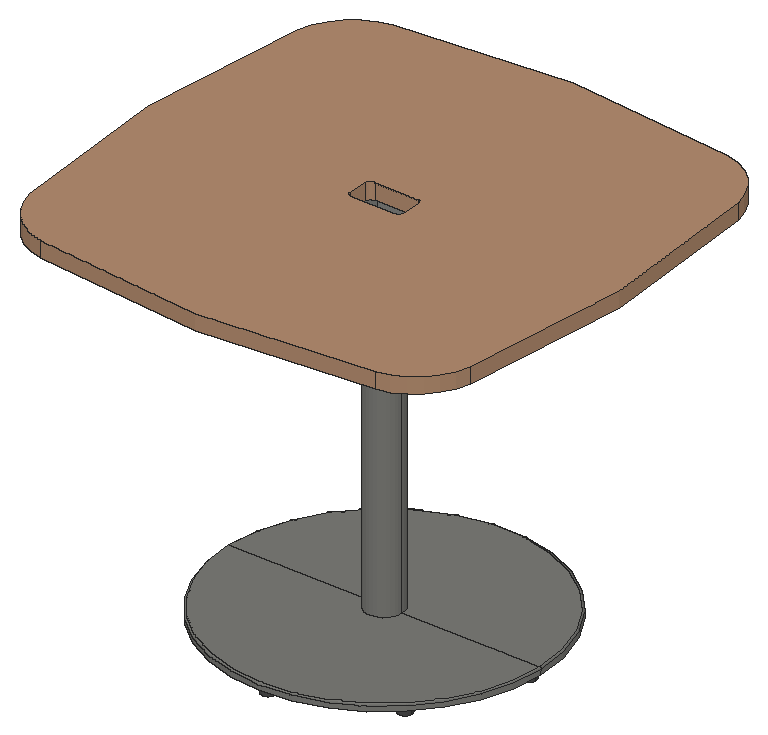
Revit family "Table-Teknion-ATERB_Rounded_Square_Cafe_Table_With_Electrics-R2022", category Furniture, Revit 2023 (continued)
Definition of nested family "Support"
  Lines and regions (in)
    symbolic lines
      curve 29: spline (0.49948, -1.07453, 0) -> (0.52102, -1.06954, 0) -> (0.54108, -1.05317, 0) -> (0.55822, -1.02661, 0) -> (0.57115, -0.99181, 0) -> (0.57893, -0.95135, 0) -> (0.58098, -0.9082, 0) -> (0.57717, -0.86552, 0) -> (0.56775, -0.82647, 0) -> (0.55344, -0.79392, 0) -> (0.53528, -0.77026, 0) -> (0.5146, -0.75723, 0) -> (0.49294, -0.75579, 0)
      curve 30: spline (0.41424, -1.07453, 0) -> (0.3892, -1.07164, 0) -> (0.36422, -1.06713, 0) -> (0.33932, -1.06102, 0) -> (0.31454, -1.0533, 0) -> (0.28989, -1.04398, 0) -> (0.26541, -1.03308, 0) -> (0.24111, -1.0206, 0) -> (0.21703, -1.00656, 0) -> (0.19319, -0.99097, 0) -> (0.16961, -0.97384, 0) -> (0.14632, -0.95521, 0) -> (0.12335, -0.93508, 0)
      curve 31: spline (0.20858, -0.93508, 0) -> (0.23156, -0.95521, 0) -> (0.25485, -0.97384, 0) -> (0.27843, -0.99097, 0) -> (0.30227, -1.00656, 0) -> (0.32635, -1.0206, 0) -> (0.35065, -1.03308, 0) -> (0.37513, -1.04398, 0) -> (0.39978, -1.0533, 0) -> (0.42456, -1.06102, 0) -> (0.44946, -1.06713, 0) -> (0.47444, -1.07164, 0) -> (0.49948, -1.07453, 0)
      curve 32: line (0.41424, -1.07453, 0) -> (0.49948, -1.07453, 0)
      curve 33: line (0.39634, -0.13138, 0) -> (0.48158, -0.13138, 0)
      curve 34: line (0.4077, -0.75579, 0) -> (0.49294, -0.75579, 0)
      curve 35: line (0.96755, 1.48572, 0) -> (0.20858, 0.69266, 0)
      curve 36: line (0.12335, 0.69266, 0) -> (0.88231, 1.48572, 0)
  Dimensions and locks (in)
    plane 4 "Left" to plane 5 "Right" = 4.84752"
    plane 6 "Back" to plane 7 "Front" = 2.56025"
    locked: plane 8 "Top" to level at 27.81102
    equal spacing: plane 6 "Back", plane 1 "Center Front/Back", plane 7 "Front"
    equal spacing: plane 4 "Left", plane 3 "Center Left/Right", plane 5 "Right"
    aligned and locked: level to plane 2
    aligned and locked: plane 3 "Center Left/Right" to Sweep 2 sketch curve
  Automatic sketch dimensions
    Sweep 1 sketch curve to plane 8 "Top" = 0.15748"
    Sweep 1 sketch curve to plane 3 "Center Left/Right" = 0.94649"
    Sweep 1 sketch curve to plane 8 "Top" = 0.10827"
    Sweep 1 sketch curve to Sweep 1 sketch curve = 0.08524"
    Sweep 2 sketch curve to plane 7 "Front" = 0.13945"
    Sweep 2 sketch curve to plane 1 "Center Front/Back" = 0.48706"
    Sweep 2 sketch curve to Sweep 2 sketch curve = 0.000"  (x2)
    Sweep 2 sketch curve to profile plane = 0.000"
    profile plane to Sweep 2 sketch curve = 0.10229"
    Sweep 2 sketch curve to Sweep 2 sketch curve = 0.08524"  (x2)
    Sweep 2 sketch curve to profile plane = 0.10229"
    level to Sweep 2 sketch curve = 26.33898"
    Sweep 2 sketch curve to Sweep 2 sketch curve = 0.04921"
    Sweep 2 sketch curve to Sweep 2 sketch curve = 0.05906"
    Sweep 3 sketch curve to plane 4 "Left" = 0.000"
    Sweep 3 sketch curve to plane 8 "Top" = 0.000"
    Sweep 3 sketch curve to Sweep 3 sketch curve = 0.09843"
    Sweep 3 sketch curve to profile plane = 0.000"
    plane 1 "Center Front/Back" to Sweep 3 sketch curve = 0.19544"
    profile plane to Sweep 3 sketch curve = 0.64889"
    profile plane to Sweep 3 sketch curve = 1.37498"
    Sweep 3 sketch curve to plane 1 "Center Front/Back" = 0.45344"
    Sweep 3 sketch curve to plane 1 "Center Front/Back" = 1.28012"
    Sweep 4 sketch curve to plane 6 "Back" = 0.000"
    Sweep 4 sketch curve to plane 3 "Center Left/Right" = 1.04878"
    plane 1 "Center Front/Back" to Sweep 4 sketch curve = 0.19544"
    Sweep 4 sketch curve to Sweep 4 sketch curve = 0.000"  (x2)
    Sweep 4 sketch curve to profile plane = 0.000"
    profile plane to Sweep 4 sketch curve = 0.10229"
    Sweep 4 sketch curve to Sweep 4 sketch curve = 0.08524"
    level to Sweep 4 sketch curve = 27.59449"
    Sweep 4 sketch curve to Sweep 4 sketch curve = 0.05906"
    Sweep 4 sketch curve to Sweep 4 sketch curve = 0.04921"
    Sweep 5 sketch curve to plane 8 "Top" = 0.15748"
    plane 3 "Center Left/Right" to Sweep 5 sketch curve = 0.94649"
    Sweep 5 sketch curve to plane 8 "Top" = 0.10827"
    Sweep 5 sketch curve to Sweep 5 sketch curve = 0.08524"
    plane 5 "Right" to Sweep 6 sketch curve = 0.000"
    Sweep 6 sketch curve to plane 8 "Top" = 0.000"
    Sweep 6 sketch curve to plane 8 "Top" = 0.09843"
    Sweep 6 sketch curve to profile plane = 0.000"
    plane 1 "Center Front/Back" to Sweep 6 sketch curve = 0.19544"
    Sweep 6 sketch curve to profile plane = 0.64889"
    Sweep 6 sketch curve to profile plane = 1.37498"
    Sweep 6 sketch curve to plane 1 "Center Front/Back" = 0.45344"
    Sweep 6 sketch curve to plane 1 "Center Front/Back" = 1.28012"
    Sweep 7 sketch curve to plane 6 "Back" = 0.000"
    plane 3 "Center Left/Right" to Sweep 7 sketch curve = 1.04878"
    plane 1 "Center Front/Back" to Sweep 7 sketch curve = 0.19544"
    Sweep 7 sketch curve to Sweep 7 sketch curve = 0.000"  (x2)
    Sweep 7 sketch curve to profile plane = 0.000"
    Sweep 7 sketch curve to profile plane = 0.10229"
    Sweep 7 sketch curve to Sweep 7 sketch curve = 0.08524"
    level to Sweep 7 sketch curve = 27.59449"
    Sweep 7 sketch curve to Sweep 7 sketch curve = 0.05906"
    Sweep 7 sketch curve to Sweep 7 sketch curve = 0.04921"
    Sweep 5 sketch curve to profile plane = 0.86475"
    Sweep 5 sketch curve to profile plane = 0.87174"
    Sweep 5 sketch curve to Sweep 5 sketch curve = 0.06806"
    Sweep 5 sketch curve to plane 1 "Center Front/Back" = 0.48706"
    Sweep 5 sketch curve to Sweep 5 sketch curve = 0.64619"
    Sweep 5 sketch curve to plane 1 "Center Front/Back" = 1.28012"
    Sweep 5 sketch curve to plane 1 "Center Front/Back" = 0.27196"
    Sweep 5 sketch curve to Sweep 5 sketch curve = 0.47466"
    Sweep 5 sketch curve to Sweep 5 sketch curve = 0.02033"
    Sweep 5 sketch curve to Sweep 5 sketch curve = 0.00333"
    plane 1 "Center Front/Back" to Sweep 5 sketch curve = 0.33698"
    Sweep 5 sketch curve to profile plane = 0.000"
    Sweep 5 sketch curve to Sweep 5 sketch curve = 0.1072"
    plane 1 "Center Front/Back" to Sweep 5 sketch curve = 0.19544"
    Sweep 5 sketch curve to Sweep 5 sketch curve = 0.30872"
    Sweep 1 sketch curve to profile plane = 0.000"
    profile plane to Sweep 1 sketch curve = 0.86475"
    Sweep 1 sketch curve to Sweep 1 sketch curve = 0.06806"
    Sweep 1 sketch curve to Sweep 1 sketch curve = 0.64619"
    Sweep 1 sketch curve to plane 1 "Center Front/Back" = 1.28012"
    Sweep 1 sketch curve to plane 1 "Center Front/Back" = 0.48706"
    Sweep 1 sketch curve to plane 1 "Center Front/Back" = 0.27196"
    plane 1 "Center Front/Back" to Sweep 1 sketch curve = 0.64569"
    Sweep 1 sketch curve to Sweep 1 sketch curve = 0.47466"
    Sweep 1 sketch curve to Sweep 1 sketch curve = 0.02033"
    Sweep 1 sketch curve to Sweep 1 sketch curve = 0.00333"
    Sweep 1 sketch curve to Sweep 1 sketch curve = 0.01641"
    plane 1 "Center Front/Back" to Sweep 1 sketch curve = 0.33698"
    Sweep 1 sketch curve to Sweep 1 sketch curve = 0.1072"
    plane 1 "Center Front/Back" to Sweep 1 sketch curve = 0.19544"
    curve 1 to plane 4 "Left" = 0.000"
    curve 17 to plane 6 "Back" = 0.000"
    plane 7 "Front" to curve 12 = 0.000"
    plane 7 "Front" to curve 30 = 0.000"
    curve 20 to plane 6 "Back" = 0.000"
    curve 20 to plane 5 "Right" = 0.000"
    plane 1 "Center Front/Back" to curve 4 = 0.19544"
    plane 4 "Left" to curve 4 = 0.64889"
    curve 18 to plane 3 "Center Left/Right" = 0.86125"
    curve 5 to plane 3 "Center Left/Right" = 0.86125"
    curve 14 to plane 3 "Center Left/Right" = 0.47842"
    curve 10 to curve 16 = 0.00654"
    curve 4 to curve 6 = 0.40074"
    curve 10 to curve 14 = 0.08524"
    curve 10 to curve 16 = 0.08524"
    curve 8 to curve 15 = 0.08524"
    curve 19 to plane 3 "Center Left/Right" = 0.18753"
    curve 13 to plane 3 "Center Left/Right" = 0.18753"
    plane 3 "Center Left/Right" to curve 35 = 0.18753"
    plane 3 "Center Left/Right" to curve 13 = 0.18753"
    plane 3 "Center Left/Right" to curve 24 = 0.37528"
    curve 13 to curve 34 = 0.19912"
    curve 13 to curve 32 = 0.20566"
    curve 33 to curve 25 = 0.08524"
    curve 26 to curve 34 = 0.08524"
    curve 28 to curve 32 = 0.08524"
    plane 1 "Center Front/Back" to curve 23 = 0.19544"
    curve 33 to curve 23 = 0.40074"
    plane 3 "Center Left/Right" to curve 20 = 0.86125"
    plane 5 "Right" to curve 23 = 0.64889"
    curve 13 to plane 7 "Front" = 0.13945"
    curve 13 to curve 34 = 0.17929"
    curve 16 to plane 7 "Front" = 0.31874"
    plane 1 "Center Front/Back" to curve 5 = 0.33698"
    plane 1 "Center Front/Back" to curve 33 = 0.33698"
    curve 2 to plane 1 "Center Front/Back" = 0.45344"
    curve 21 to plane 1 "Center Front/Back" = 0.45344"
    curve 19 to plane 1 "Center Front/Back" = 0.48706"
    curve 6 to curve 4 = 0.08524"
    curve 17 to curve 1 = 0.08524"
    curve 8 to curve 6 = 0.0536"
    curve 12 to plane 3 "Center Left/Right" = 0.51062"
    curve 10 to curve 8 = 0.00821"
    curve 8 to curve 7 = 0.08524"
    curve 12 to curve 11 = 0.08524"  (x2)
    curve 9 to curve 7 = 0.00821"
    curve 17 to curve 18 = 0.08524"
    curve 36 to curve 35 = 0.08524"
    curve 30 to curve 31 = 0.08524"  (x2)
    curve 26 to curve 28 = 0.00821"
    curve 19 to curve 30 = 0.23786"
    curve 26 to curve 25 = 0.03164"
    curve 28 to curve 29 = 0.08524"
    curve 33 to curve 27 = 0.0536"
    curve 20 to curve 35 = 0.08524"
    curve 23 to curve 25 = 0.08524"
    curve 29 to curve 34 = 0.15896"
    curve 10 to curve 10 = 0.15896"
    curve 10 to curve 9 = 0.000"
    curve 28 to curve 29 = 0.000"
    curve 26 to curve 27 = 0.30872"
    curve 7 to curve 6 = 0.30872"
    curve 8 to curve 7 = 0.000"
    curve 26 to curve 27 = 0.000"
    curve 30 to plane 1 "Center Front/Back" = 0.27196"
    curve 30 to curve 31 = 0.000"
    curve 12 to plane 1 "Center Front/Back" = 0.27196"
    curve 12 to curve 11 = 0.000"
Definition of nested family "Teknion_2D_Node_Family-R2016"
  Reference planes (in)
    plane 1 "Center (Front/Back)": y = 0
    plane 2: z = 0
    plane 3 "Center (Left/Right)": x = 0
  Lines and regions (in)
    detail lines, in view "Ref. Level"
      curve 1: circle (0, 0, 0) r 1.25 normal (0, 0, 1)
      curve 2: line (1.91508, -1.91508, 0) -> (-1.91508, 1.91508, 0)
      curve 3: line (-1.91508, -1.91508, 0) -> (1.91508, 1.91508, 0)
Types (3): name | Surface Finish | Model | Height | Description | Base Finish
  (no name) | Foundation Laminate - Teknion - YA - Anigre | "ATERB29M36AH" | 29.000" | "Rounded Square Cafe Table With Electrics, 29\" Height, Metal Post Base Style, 36\" Width, Dual Flush Power Module Cutout" | Paint - Teknion - Mica - Anthracite
  29" Height | Foundation Laminate - Teknion - YA - Anigre | "ATERB29M36AH" | 29.000" | "Rounded Square Cafe Table With Electrics, 29\" Height, Metal Post Base Style, 36\" Width, Dual Flush Power Module Cutout" | Paint - Teknion - Mica - Anthracite
  26" Height | Veneer - Teknion - 5P - Flintwood - Poppy Seed | "ATERB26M36AH" | 26.000" | "Rounded Square Cafe Table With Electrics, 26\" Height, Metal Post Base Style, 36\" Width, Dual Flush Power Module Cutout" | Paint - Teknion - Foundation - Crisp Grey
